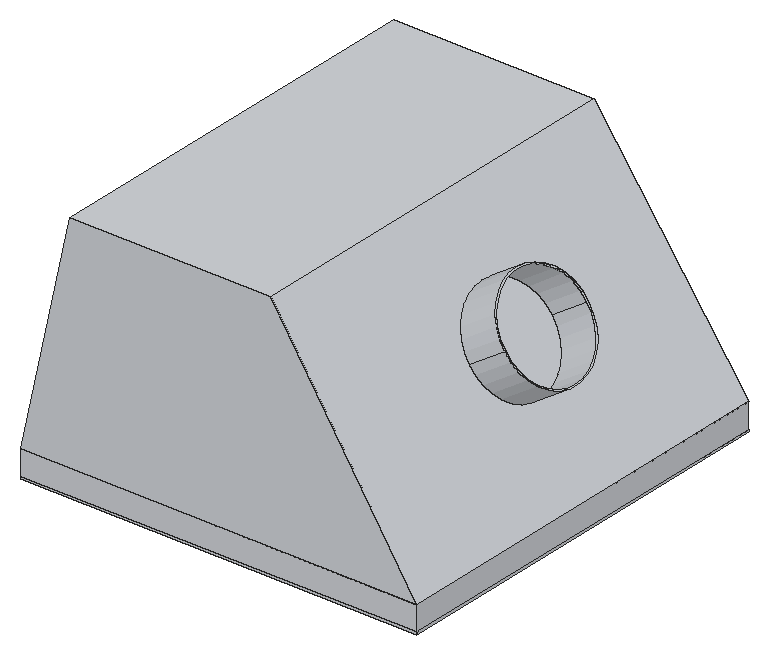
Revit family "SWA-D", category Air Terminals, Revit 2012
Parameters (values of type "SWA-D-06-24")
  URL = "http://www.innes.com.mx"
  Radio int = 2 15/16"
  Radio = 3"
  Mínimo flujo de aire = 0 CFM
  Mínima velocidad de cuello = 0 FPM
  Mínima presión total = 0.00 in-wg
  Máximo nivel de ruido (NC) = "32"
  Máximo flujo de aire = 0 CFM
  Máxima velocidad de cuello = 0 FPM
  Máxima presión total = 0.00 in-wg
  Min Flow = 0 CFM
  Medida B = 23 13/16"
  Medida A = 22 13/16"
  Max Flow = 0 CFM
  Material = "Acero"
  Manufacturer = "INNES"
  Largo parte superior = 23 1/4"
  Largo B = Medida B - 3" / 16  # 23 5/8"
  Diametro interior = Diametro exterior - 3/16"  # 5 11/16"
  Diametro int = 5 7/8"
  Diametro exterior = 5 7/8"
  Diametro = 6"
  Cuello = "Redondo"
  Ancho A = Medida A - 3/16"  # 22 5/8"
Types (3): name | URL | Máximo nivel de ruido (NC) | Material | Manufacturer | Diametro | Cuello
  (no name) | "http://www.innes.com.mx" | "32" | "Acero" | "INNES" | 6" | "Redondo"
  SWA-D-06-24 | "http://www.innes.com.mx" | "32" | "Acero" | "INNES" | 6" | "Redondo"
  SWA-D-14-24 | "" | "" | "" | 0" | 14" | ""
Reference planes (in)
  plane 1 "Center (Front/Back)": y = 0
  plane 2: z = 0
  plane 3 "Center (Left/Right)": x = 0
  plane 4: x = 11.40625
  plane 5: x = -11.40625
  plane 6: y = 11.90625
  plane 7: y = -11.90625
  plane 8 "Altura Placa": z = 0.125
  plane 9 "Altura perfil": z = 1.5625
  plane 10 "Altura": z = 14.25
  plane 11: x = -11.3125
  plane 12: x = 11.3125
  plane 13: y = 11.8125
  plane 14: y = -11.8125
  plane 15: x = -8.78125
  plane 16: x = 2.75
  plane 17: y = 11.625
  plane 18: y = -11.625
  plane 19: x = -8.59375
  plane 20: y = 11.4375
  plane 21: y = -11.4375
  plane 22 "Altura baceado": z = 14.0625
  plane 23: x = 2.5625
  plane 24: z = 7
  plane 25: y = 2.84375
  plane 26: y = 2.9375
  plane 27 "Inclinacion": through (-1.52397, -180, 18.4798) normal (0.829, 0, 0.5592)
  plane 28: y = -2.84375
  plane 29: y = -2.9375
Forms (in)
  Extrusion 1, solid
    sketch origin (0, 0, 0) x (1, 0, 0) y (0, 1, 0)
      loop
        line (-11.40625, 11.90625) -> (-11.40625, -11.90625) -> (11.40625, -11.90625) -> (11.40625, 11.90625) -> (-11.40625, 11.90625)
    from 0 to 0.125
  Extrusion 2, void
    sketch origin (0, 0, 0) x (1, 0, 0) y (0, 1, 0)
      loop
        line (-0.32659, 6.55067) -> (-0.32659, 2.47858) -> (0.32659, 2.47858) -> (0.32659, 6.55067) -> (-0.32659, 6.55067)
    from 0 to 0.125
  Extrusion 3, void
    sketch origin (0, 0, 0) x (0.866025, -0.5, 0) y (0.5, 0.866025, 0)
      loop
        line (-0.32659, 6.55067) -> (-0.32659, 2.47858) -> (0.32659, 2.47858) -> (0.32659, 6.55067) -> (-0.32659, 6.55067)
    from 0 to 0.125
  Extrusion 4, void
    sketch origin (0, 0, 0) x (0.5, -0.866025, 0) y (0.866025, 0.5, 0)
      loop
        line (-0.32659, 6.55067) -> (-0.32659, 2.47858) -> (0.32659, 2.47858) -> (0.32659, 6.55067) -> (-0.32659, 6.55067)
    from 0 to 0.125
  Extrusion 5, void
    sketch origin (0, 0, 0) x (0, -1, 0) y (1, 0, 0)
      loop
        line (-0.32659, 6.55067) -> (-0.32659, 2.47858) -> (0.32659, 2.47858) -> (0.32659, 6.55067) -> (-0.32659, 6.55067)
    from 0 to 0.125
  Extrusion 6, void
    sketch origin (0, 0, 0) x (-0.5, -0.866025, 0) y (0.866025, -0.5, 0)
      loop
        line (-0.32659, 6.55067) -> (-0.32659, 2.47858) -> (0.32659, 2.47858) -> (0.32659, 6.55067) -> (-0.32659, 6.55067)
    from 0 to 0.125
  Extrusion 7, void
    sketch origin (0, 0, 0) x (-0.866025, -0.5, 0) y (0.5, -0.866025, 0)
      loop
        line (-0.32659, 6.55067) -> (-0.32659, 2.47858) -> (0.32659, 2.47858) -> (0.32659, 6.55067) -> (-0.32659, 6.55067)
    from 0 to 0.125
  Extrusion 8, void
    sketch origin (0, 0, 0) x (-1, 0, 0) y (0, -1, 0)
      loop
        line (-0.32659, 6.55067) -> (-0.32659, 2.47858) -> (0.32659, 2.47858) -> (0.32659, 6.55067) -> (-0.32659, 6.55067)
    from 0 to 0.125
  Extrusion 9, void
    sketch origin (0, 0, 0) x (-0.866025, 0.5, 0) y (-0.5, -0.866025, 0)
      loop
        line (-0.32659, 6.55067) -> (-0.32659, 2.47858) -> (0.32659, 2.47858) -> (0.32659, 6.55067) -> (-0.32659, 6.55067)
    from 0 to 0.125
  Extrusion 10, void
    sketch origin (0, 0, 0) x (-0.5, 0.866025, 0) y (-0.866025, -0.5, 0)
      loop
        line (-0.32659, 6.55067) -> (-0.32659, 2.47858) -> (0.32659, 2.47858) -> (0.32659, 6.55067) -> (-0.32659, 6.55067)
    from 0 to 0.125
  Extrusion 11, void
    sketch origin (0, 0, 0) x (0, 1, 0) y (-1, 0, 0)
      loop
        line (-0.32659, 6.55067) -> (-0.32659, 2.47858) -> (0.32659, 2.47858) -> (0.32659, 6.55067) -> (-0.32659, 6.55067)
    from 0 to 0.125
  Extrusion 12, void
    sketch origin (0, 0, 0) x (0.5, 0.866025, 0) y (-0.866025, 0.5, 0)
      loop
        line (-0.32659, 6.55067) -> (-0.32659, 2.47858) -> (0.32659, 2.47858) -> (0.32659, 6.55067) -> (-0.32659, 6.55067)
    from 0 to 0.125
  Extrusion 13, void
    sketch origin (0, 0, 0) x (0.866025, 0.5, 0) y (-0.5, 0.866025, 0)
      loop
        line (-0.32659, 6.55067) -> (-0.32659, 2.47858) -> (0.32659, 2.47858) -> (0.32659, 6.55067) -> (-0.32659, 6.55067)
    from 0 to 0.125
  Extrusion 14, void
    sketch origin (0, -3.98538, 0) x (-1, 0, 0) y (0, -1, 0)
      loop
        line (-0.32659, 6.55067) -> (-0.32659, 2.47858) -> (0.32659, 2.47858) -> (0.32659, 6.55067) -> (-0.32659, 6.55067)
    from 0 to 0.125
  Extrusion 15, void
    sketch origin (-1.03149, -3.84958, 0) x (-0.965926, 0.258819, 0) y (-0.258819, -0.965926, 0)
      loop
        line (-0.32659, 6.55067) -> (-0.32659, 2.47858) -> (0.32659, 2.47858) -> (0.32659, 6.55067) -> (-0.32659, 6.55067)
    from 0 to 0.125
  Extrusion 16, void
    sketch origin (-1.99269, -3.45144, 0) x (-0.866025, 0.5, 0) y (-0.5, -0.866025, 0)
      loop
        line (-0.32659, 6.55067) -> (-0.32659, 2.47858) -> (0.32659, 2.47858) -> (0.32659, 6.55067) -> (-0.32659, 6.55067)
    from 0 to 0.125
  Extrusion 17, void
    sketch origin (-2.81809, -2.81809, 0) x (-0.707107, 0.707107, 0) y (-0.707107, -0.707107, 0)
      loop
        line (-0.32659, 6.55067) -> (-0.32659, 2.47858) -> (0.32659, 2.47858) -> (0.32659, 6.55067) -> (-0.32659, 6.55067)
    from 0 to 0.125
  Extrusion 18, void
    sketch origin (-3.45144, -1.99269, 0) x (-0.5, 0.866025, 0) y (-0.866025, -0.5, 0)
      loop
        line (-0.32659, 6.55067) -> (-0.32659, 2.47858) -> (0.32659, 2.47858) -> (0.32659, 6.55067) -> (-0.32659, 6.55067)
    from 0 to 0.125
  Extrusion 19, void
    sketch origin (-3.84958, -1.03149, 0) x (-0.258819, 0.965926, 0) y (-0.965926, -0.258819, 0)
      loop
        line (-0.32659, 6.55067) -> (-0.32659, 2.47858) -> (0.32659, 2.47858) -> (0.32659, 6.55067) -> (-0.32659, 6.55067)
    from 0 to 0.125
  Extrusion 20, void
    sketch origin (-3.98538, 0, 0) x (0, 1, 0) y (-1, 0, 0)
      loop
        line (-0.32659, 6.55067) -> (-0.32659, 2.47858) -> (0.32659, 2.47858) -> (0.32659, 6.55067) -> (-0.32659, 6.55067)
    from 0 to 0.125
  Extrusion 21, void
    sketch origin (-3.84958, 1.03149, 0) x (0.258819, 0.965926, 0) y (-0.965926, 0.258819, 0)
      loop
        line (-0.32659, 6.55067) -> (-0.32659, 2.47858) -> (0.32659, 2.47858) -> (0.32659, 6.55067) -> (-0.32659, 6.55067)
    from 0 to 0.125
  Extrusion 22, void
    sketch origin (-3.45144, 1.99269, 0) x (0.5, 0.866025, 0) y (-0.866025, 0.5, 0)
      loop
        line (-0.32659, 6.55067) -> (-0.32659, 2.47858) -> (0.32659, 2.47858) -> (0.32659, 6.55067) -> (-0.32659, 6.55067)
    from 0 to 0.125
  Extrusion 23, void
    sketch origin (-2.81809, 2.81809, 0) x (0.707107, 0.707107, 0) y (-0.707107, 0.707107, 0)
      loop
        line (-0.32659, 6.55067) -> (-0.32659, 2.47858) -> (0.32659, 2.47858) -> (0.32659, 6.55067) -> (-0.32659, 6.55067)
    from 0 to 0.125
  Extrusion 24, void
    sketch origin (-1.99269, 3.45144, 0) x (0.866025, 0.5, 0) y (-0.5, 0.866025, 0)
      loop
        line (-0.32659, 6.55067) -> (-0.32659, 2.47858) -> (0.32659, 2.47858) -> (0.32659, 6.55067) -> (-0.32659, 6.55067)
    from 0 to 0.125
  Extrusion 25, void
    sketch origin (-1.03149, 3.84958, 0) x (0.965926, 0.258819, 0) y (-0.258819, 0.965926, 0)
      loop
        line (-0.32659, 6.55067) -> (-0.32659, 2.47858) -> (0.32659, 2.47858) -> (0.32659, 6.55067) -> (-0.32659, 6.55067)
    from 0 to 0.125
  Extrusion 26, void
    sketch origin (0, 3.98538, 0) x (1, 0, 0) y (0, 1, 0)
      loop
        line (-0.32659, 6.55067) -> (-0.32659, 2.47858) -> (0.32659, 2.47858) -> (0.32659, 6.55067) -> (-0.32659, 6.55067)
    from 0 to 0.125
  Extrusion 27, void
    sketch origin (1.03149, 3.84958, 0) x (0.965926, -0.258819, 0) y (0.258819, 0.965926, 0)
      loop
        line (-0.32659, 6.55067) -> (-0.32659, 2.47858) -> (0.32659, 2.47858) -> (0.32659, 6.55067) -> (-0.32659, 6.55067)
    from 0 to 0.125
  Extrusion 28, void
    sketch origin (1.99269, 3.45144, 0) x (0.866025, -0.5, 0) y (0.5, 0.866025, 0)
      loop
        line (-0.32659, 6.55067) -> (-0.32659, 2.47858) -> (0.32659, 2.47858) -> (0.32659, 6.55067) -> (-0.32659, 6.55067)
    from 0 to 0.125
  Extrusion 29, void
    sketch origin (2.81809, 2.81809, 0) x (0.707107, -0.707107, 0) y (0.707107, 0.707107, 0)
      loop
        line (-0.32659, 6.55067) -> (-0.32659, 2.47858) -> (0.32659, 2.47858) -> (0.32659, 6.55067) -> (-0.32659, 6.55067)
    from 0 to 0.125
  Extrusion 30, void
    sketch origin (3.45144, 1.99269, 0) x (0.5, -0.866025, 0) y (0.866025, 0.5, 0)
      loop
        line (-0.32659, 6.55067) -> (-0.32659, 2.47858) -> (0.32659, 2.47858) -> (0.32659, 6.55067) -> (-0.32659, 6.55067)
    from 0 to 0.125
  Extrusion 31, void
    sketch origin (3.84958, 1.03149, 0) x (0.258819, -0.965926, 0) y (0.965926, 0.258819, 0)
      loop
        line (-0.32659, 6.55067) -> (-0.32659, 2.47858) -> (0.32659, 2.47858) -> (0.32659, 6.55067) -> (-0.32659, 6.55067)
    from 0 to 0.125
  Extrusion 32, void
    sketch origin (3.98538, 0, 0) x (0, -1, 0) y (1, 0, 0)
      loop
        line (-0.32659, 6.55067) -> (-0.32659, 2.47858) -> (0.32659, 2.47858) -> (0.32659, 6.55067) -> (-0.32659, 6.55067)
    from 0 to 0.125
  Extrusion 33, void
    sketch origin (3.84958, -1.03149, 0) x (-0.258819, -0.965926, 0) y (0.965926, -0.258819, 0)
      loop
        line (-0.32659, 6.55067) -> (-0.32659, 2.47858) -> (0.32659, 2.47858) -> (0.32659, 6.55067) -> (-0.32659, 6.55067)
    from 0 to 0.125
  Extrusion 34, void
    sketch origin (3.45144, -1.99269, 0) x (-0.5, -0.866025, 0) y (0.866025, -0.5, 0)
      loop
        line (-0.32659, 6.55067) -> (-0.32659, 2.47858) -> (0.32659, 2.47858) -> (0.32659, 6.55067) -> (-0.32659, 6.55067)
    from 0 to 0.125
  Extrusion 35, void
    sketch origin (2.81809, -2.81809, 0) x (-0.707107, -0.707107, 0) y (0.707107, -0.707107, 0)
      loop
        line (-0.32659, 6.55067) -> (-0.32659, 2.47858) -> (0.32659, 2.47858) -> (0.32659, 6.55067) -> (-0.32659, 6.55067)
    from 0 to 0.125
  Extrusion 36, void
    sketch origin (1.99269, -3.45144, 0) x (-0.866025, -0.5, 0) y (0.5, -0.866025, 0)
      loop
        line (-0.32659, 6.55067) -> (-0.32659, 2.47858) -> (0.32659, 2.47858) -> (0.32659, 6.55067) -> (-0.32659, 6.55067)
    from 0 to 0.125
  Extrusion 37, void
    sketch origin (1.03149, -3.84958, 0) x (-0.965926, -0.258819, 0) y (0.258819, -0.965926, 0)
      loop
        line (-0.32659, 6.55067) -> (-0.32659, 2.47858) -> (0.32659, 2.47858) -> (0.32659, 6.55067) -> (-0.32659, 6.55067)
    from 0 to 0.125
  Extrusion 38, solid
    sketch origin (0, 0, 0) x (1, 0, 0) y (0, 1, 0)
      loop
        line (-11.40625, 11.90625) -> (-11.40625, -11.90625) -> (11.40625, -11.90625) -> (11.40625, 11.90625) -> (-11.40625, 11.90625)
      loop
        line (-11.3125, 11.8125) -> (-11.3125, -11.8125) -> (11.3125, -11.8125) -> (11.3125, 11.8125) -> (-11.3125, 11.8125)
    from 0 to 1.5625
  Blend 39, solid
    base sketch origin (0, 0, 1.5625) x (-1, 0, 0) y (0, -1, 0)
      loop
        line (11.40625, -11.90625) -> (11.40625, 11.90625) -> (-11.40625, 11.90625) -> (-11.40625, -11.90625) -> (11.40625, -11.90625)
    top sketch origin (0, 0, 14.25) x (-1, 0, 0) y (0, -1, 0)
      loop
        line (8.78125, -11.625) -> (8.78125, 11.625) -> (-2.75, 11.625) -> (-2.75, -11.625) -> (8.78125, -11.625)
    from 0 to 0
Cuts and joins
  Extrusion 2, Extrusion 3, Extrusion 4, Extrusion 5, Extrusion 6, Extrusion 7, Extrusion 8, Extrusion 9, Extrusion 10, Extrusion 11, Extrusion 12, Extrusion 13, Extrusion 14, Extrusion 15, Extrusion 16, Extrusion 17, Extrusion 18, Extrusion 19, Extrusion 20, Extrusion 21, Extrusion 22, Extrusion 23, Extrusion 24, Extrusion 25, Extrusion 26, Extrusion 27, Extrusion 28, Extrusion 29, Extrusion 30, Extrusion 31, Extrusion 32, Extrusion 33, Extrusion 34, Extrusion 35, Extrusion 36, Extrusion 37 cuts Extrusion 1
Lines and regions (in)
  model lines
    curve 1: line (-0.32659, 2.47858, 0) -> (0.32659, 2.47858, 0)
    curve 2: line (-0.32659, 6.55067, 0) -> (-0.32659, 2.47858, 0)
    curve 3: line (0.23459, 6.55067, 0) -> (-0.32659, 6.55067, 0)
    curve 4: line (0.32659, 2.47858, 0) -> (0.32659, 6.55067, 0)
Dimensions and locks (in)
  equal spacing: plane 5, plane 3 "Center (Left/Right)", plane 4, locked at 11.40625 each
  "Medida A": plane 5 to plane 4
  equal spacing: plane 6, plane 1 "Center (Front/Back)", plane 7, locked at 11.90625 each
  "Medida B": plane 6 to plane 7
  locked: plane 8 "Altura Placa" to level at 0.125
  locked: plane 10 "Altura" to level at 14.25
  locked: plane 9 "Altura perfil" to plane 8 "Altura Placa" at 1.4375
  equal spacing: curve 2, plane 3 "Center (Left/Right)", curve 4
  equal spacing: plane 13, plane 1 "Center (Front/Back)", plane 14, locked at 11.8125 each
  "Largo B": plane 13 to plane 14
  equal spacing: plane 11, plane 3 "Center (Left/Right)", plane 12, locked at 11.3125 each
  "Ancho A": plane 11 to plane 12
  locked: Extrusion 38 to plane 15 at 2.625
  locked: plane 16 to plane 4 at 8.65625
  equal spacing: plane 17, plane 1 "Center (Front/Back)", plane 18, locked at 11.625 each
  "Largo parte superior": plane 17 to plane 18
  locked: plane 15 to plane 19 at 0.1875
  locked: plane 21 to plane 18 at 0.1875
  locked: plane 17 to plane 20 at 0.1875
  locked: plane 10 "Altura" to plane 22 "Altura baceado" at 0.1875
  locked: plane 23 to plane 16 at 0.1875
  plane 10 "Altura" to plane 9 "Altura perfil" = 12 11/16"
  locked: plane 24 to level at 7
  equal spacing: plane 29, plane 1 "Center (Front/Back)", plane 26
  "Diametro exterior": plane 29 to plane 26
  equal spacing: plane 28, plane 1 "Center (Front/Back)", plane 25
  "Diametro interior": plane 28 to plane 25
  angle plane 27 "Inclinacion" to plane 24 = 56.00°
  aligned and locked: plane 2 to level
  aligned and locked: Extrusion 1 sketch curve to plane 6
  aligned and locked: plane 5 to Extrusion 1 sketch curve
  aligned and locked: plane 7 to Extrusion 1 sketch curve
  aligned and locked: Extrusion 1 sketch curve to plane 4
  aligned and locked: Blend 39 sketch curve to cut or joined group of Extrusion 1, Extrusion 2, Extrusion 3, Extrusion 4, Extrusion 5, Extrusion 6, Extrusion 7, Extrusion 8, Extrusion 9, Extrusion 10, Extrusion 11, Extrusion 12, Extrusion 13, Extrusion 14, Extrusion 15, Extrusion 16, Extrusion 17, Extrusion 18, Extrusion 19, Extrusion 20, Extrusion 21, Extrusion 22, Extrusion 23, Extrusion 24, Extrusion 25, Extrusion 26, Extrusion 27, Extrusion 28, Extrusion 29, Extrusion 30, Extrusion 31, Extrusion 32, Extrusion 33, Extrusion 34, Extrusion 35, Extrusion 36, Extrusion 37  (x4)
  aligned and locked: Blend 39 sketch curve to plane 17
  aligned and locked: Blend 39 sketch curve to plane 15
  aligned and locked: plane 18 to Blend 39 sketch curve
  aligned and locked: Blend 39 sketch curve to plane 16
  aligned and locked: plane 4 to Extrusion 38
  aligned and locked: Extrusion 38 to plane 12
  aligned and locked: plane 9 "Altura perfil" to Extrusion 38
  aligned and locked: Extrusion 38 to level
  aligned and locked: plane 11 to Extrusion 38
Automatic sketch dimensions
  curve 1 to plane 1 "Center (Front/Back)" = 2.47858"
  curve 1 to curve 3 = 4.07209"
  curve 3 to curve 4 = 0.09201"
  curve 3 to curve 4 = 0"
  curve 2 to plane 3 "Center (Left/Right)" = 0.32659"
  Extrusion 2 sketch curve to Extrusion 2 sketch curve = 0.65318"
  Extrusion 2 sketch curve to Extrusion 2 sketch curve = 4.07209"
  Extrusion 3 sketch curve to Extrusion 3 sketch curve = 0.65318"
  Extrusion 3 sketch curve to Extrusion 3 sketch curve = 4.07209"
  Extrusion 4 sketch curve to Extrusion 4 sketch curve = 0.65318"
  Extrusion 4 sketch curve to Extrusion 4 sketch curve = 4.07209"
  Extrusion 5 sketch curve to Extrusion 5 sketch curve = 0.65318"
  Extrusion 5 sketch curve to Extrusion 5 sketch curve = 4.07209"
  Extrusion 6 sketch curve to Extrusion 6 sketch curve = 0.65318"
  Extrusion 6 sketch curve to Extrusion 6 sketch curve = 4.07209"
  Extrusion 7 sketch curve to Extrusion 7 sketch curve = 0.65318"
  Extrusion 7 sketch curve to Extrusion 7 sketch curve = 4.07209"
  Extrusion 8 sketch curve to Extrusion 8 sketch curve = 0.65318"
  Extrusion 8 sketch curve to Extrusion 8 sketch curve = 4.07209"
  Extrusion 9 sketch curve to Extrusion 9 sketch curve = 0.65318"
  Extrusion 9 sketch curve to Extrusion 9 sketch curve = 4.07209"
  Extrusion 10 sketch curve to Extrusion 10 sketch curve = 0.65318"
  Extrusion 10 sketch curve to Extrusion 10 sketch curve = 4.07209"
  Extrusion 11 sketch curve to Extrusion 11 sketch curve = 0.65318"
  Extrusion 11 sketch curve to Extrusion 11 sketch curve = 4.07209"
  Extrusion 12 sketch curve to Extrusion 12 sketch curve = 0.65318"
  Extrusion 12 sketch curve to Extrusion 12 sketch curve = 4.07209"
  Extrusion 13 sketch curve to Extrusion 13 sketch curve = 0.65318"
  Extrusion 13 sketch curve to Extrusion 13 sketch curve = 4.07209"
  Extrusion 14 sketch curve to Extrusion 14 sketch curve = 0.65318"
  Extrusion 14 sketch curve to Extrusion 14 sketch curve = 4.07209"
  Extrusion 15 sketch curve to Extrusion 15 sketch curve = 0.65318"
  Extrusion 15 sketch curve to Extrusion 15 sketch curve = 4.07209"
  Extrusion 16 sketch curve to Extrusion 16 sketch curve = 0.65318"
  Extrusion 16 sketch curve to Extrusion 16 sketch curve = 4.07209"
  Extrusion 17 sketch curve to Extrusion 17 sketch curve = 0.65318"
  Extrusion 17 sketch curve to Extrusion 17 sketch curve = 4.07209"
  Extrusion 18 sketch curve to Extrusion 18 sketch curve = 0.65318"
  Extrusion 18 sketch curve to Extrusion 18 sketch curve = 4.07209"
  Extrusion 19 sketch curve to Extrusion 19 sketch curve = 0.65318"
  Extrusion 19 sketch curve to Extrusion 19 sketch curve = 4.07209"
  Extrusion 20 sketch curve to Extrusion 20 sketch curve = 0.65318"
  Extrusion 20 sketch curve to Extrusion 20 sketch curve = 4.07209"
  Extrusion 21 sketch curve to Extrusion 21 sketch curve = 0.65318"
  Extrusion 21 sketch curve to Extrusion 21 sketch curve = 4.07209"
  Extrusion 22 sketch curve to Extrusion 22 sketch curve = 0.65318"
  Extrusion 22 sketch curve to Extrusion 22 sketch curve = 4.07209"
  Extrusion 23 sketch curve to Extrusion 23 sketch curve = 0.65318"
  Extrusion 23 sketch curve to Extrusion 23 sketch curve = 4.07209"
  Extrusion 24 sketch curve to Extrusion 24 sketch curve = 0.65318"
  Extrusion 24 sketch curve to Extrusion 24 sketch curve = 4.07209"
  Extrusion 25 sketch curve to Extrusion 25 sketch curve = 0.65318"
  Extrusion 25 sketch curve to Extrusion 25 sketch curve = 4.07209"
  Extrusion 26 sketch curve to Extrusion 26 sketch curve = 0.65318"
  Extrusion 26 sketch curve to Extrusion 26 sketch curve = 4.07209"
  Extrusion 27 sketch curve to Extrusion 27 sketch curve = 0.65318"
  Extrusion 27 sketch curve to Extrusion 27 sketch curve = 4.07209"
  Extrusion 28 sketch curve to Extrusion 28 sketch curve = 0.65318"
  Extrusion 28 sketch curve to Extrusion 28 sketch curve = 4.07209"
  Extrusion 29 sketch curve to Extrusion 29 sketch curve = 0.65318"
  Extrusion 29 sketch curve to Extrusion 29 sketch curve = 4.07209"
  Extrusion 30 sketch curve to Extrusion 30 sketch curve = 0.65318"
  Extrusion 30 sketch curve to Extrusion 30 sketch curve = 4.07209"
  Extrusion 31 sketch curve to Extrusion 31 sketch curve = 0.65318"
  Extrusion 31 sketch curve to Extrusion 31 sketch curve = 4.07209"
  Extrusion 32 sketch curve to Extrusion 32 sketch curve = 0.65318"
  Extrusion 32 sketch curve to Extrusion 32 sketch curve = 4.07209"
  Extrusion 33 sketch curve to Extrusion 33 sketch curve = 0.65318"
  Extrusion 33 sketch curve to Extrusion 33 sketch curve = 4.07209"
  Extrusion 34 sketch curve to Extrusion 34 sketch curve = 0.65318"
  Extrusion 34 sketch curve to Extrusion 34 sketch curve = 4.07209"
  Extrusion 35 sketch curve to Extrusion 35 sketch curve = 0.65318"
  Extrusion 35 sketch curve to Extrusion 35 sketch curve = 4.07209"
  Extrusion 36 sketch curve to Extrusion 36 sketch curve = 0.65318"
  Extrusion 36 sketch curve to Extrusion 36 sketch curve = 4.07209"
  Extrusion 37 sketch curve to Extrusion 37 sketch curve = 0.65318"
  Extrusion 37 sketch curve to Extrusion 37 sketch curve = 4.07209"
  Extrusion 38 sketch curve to plane 5 = 0"
  plane 11 to Extrusion 38 sketch curve = 0"
  Extrusion 38 sketch curve to plane 12 = 0"
  plane 4 to Extrusion 38 sketch curve = 0"
  Extrusion 38 sketch curve to plane 7 = 0"
  Extrusion 38 sketch curve to plane 14 = 0"
  Extrusion 38 sketch curve to plane 13 = 0"
  Extrusion 38 sketch curve to plane 6 = 0"
Nested families (in)
  nested 1: "prueba cara02" at (6.89082, 0.47858, 8.18078) x (0, 1, 0) z (0.8261, 0, 0.5636), type "prueba cara02"
Connectors (in)
  hvac at (8.93015, 0.47858, 9.57214), driven by "Radio"
    settings: on nested 1, index 1, duct flow 0 CFM, flow factor 0, pres drop 0.00 in-wg, loss coef 0, conn angle 0.00°, conn width 12", conn height 12", conn radius 3", duct sys type 1, conn prof type 0, flow config 0, flow direction 0, loss method 0, conn ref index -1, conn util no, is conn primary yes, conn desc ""
Definition of nested family "prueba cara02"
  Parameters (values of type "prueba cara02")
    Radio int = Diametro int / 2  # 2 15/16"
    Radio = Diametro / 2  # 3"
    Diametro int = Diametro - 1/8"  # 5 7/8"
    Diametro = 6"
    Default Elevation = 48"
  Reference planes (in)
    plane 1 "Center (Front/Back)": y = 0
    plane 2: z = 0
    plane 3 "Center (Left/Right)": x = 0
    plane 4: x = -3
    plane 5: x = 3
    plane 6: x = -2.9375
    plane 7: x = 2.9375
  Forms (in)
    Extrusion 1, solid
      sketch origin (0, 0, 0) x (1, 0, 0) y (0, 1, 0)
        loop
          line (-48, 48) -> (-48, -48) -> (48, -48) -> (48, 48) -> (-48, 48)
      from 0 to -12
    Extrusion 2, solid
      sketch origin (0, 0, 0) x (1, 0, 0) y (0, 1, 0)
        loop
          circle (0, 0) r 3
        loop
          circle (0, 0) r 2.9375
      from 0 to 2.46875
  Dimensions and locks (in)
    equal spacing: plane 4, plane 3 "Center (Left/Right)", plane 5
    "Diametro": plane 4 to plane 5
    equal spacing: plane 6, plane 3 "Center (Left/Right)", plane 7
    "Diametro int": plane 6 to plane 7
    "Radio": radius of Extrusion 2 sketch curve
    "Radio int": radius of Extrusion 2 sketch curve
    aligned and locked: plane 2 to Extrusion 1
    aligned and locked: level to Extrusion 1
  Automatic sketch dimensions
    Extrusion 1 sketch curve to Extrusion 1 sketch curve = 96"  (x2)
    Extrusion 2 sketch curve to Extrusion 2 sketch curve = 0"  (x2)
    plane 1 "Center (Front/Back)" to Extrusion 2 sketch curve = 0"
    Extrusion 2 sketch curve to plane 3 "Center (Left/Right)" = 0"
Types in the file's own list only (5): name | URL | Radio | Mínima velocidad de cuello | Máximo nivel de ruido (NC) | Máxima velocidad de cuello | Min Flow | Max Flow | Largo parte superior | Diametro
  SWA-D-06 | "http://www.innes.com" | 3" | 100 FPM | "N/A" | 1200 FPM | 20 CFM | 236 CFM | 23 5/8" | 6"
  SWA-D-08 | "http://www.innes.com" | 4" | 100 FPM | "N/A" | 1200 FPM | 35 CFM | 419 CFM | 23 5/8" | 8"
  SWA-D-10 | "http://www.innes.com" | 5" | 100 FPM | "N/A" | 1200 FPM | 55 CFM | 654 CFM | 23 5/8" | 10"
  SWA-D-12 | "http://www.innes.com" | 6" | 100 FPM | "N/A" | 1200 FPM | 79 CFM | 942 CFM | 23 5/8" | 12"
  SWA-D-14 | "http://www.innes.com" | 7" | 100 FPM | "N/A" | 1200 FPM | 107 CFM | 1283 CFM | 23 5/8" | 14"
